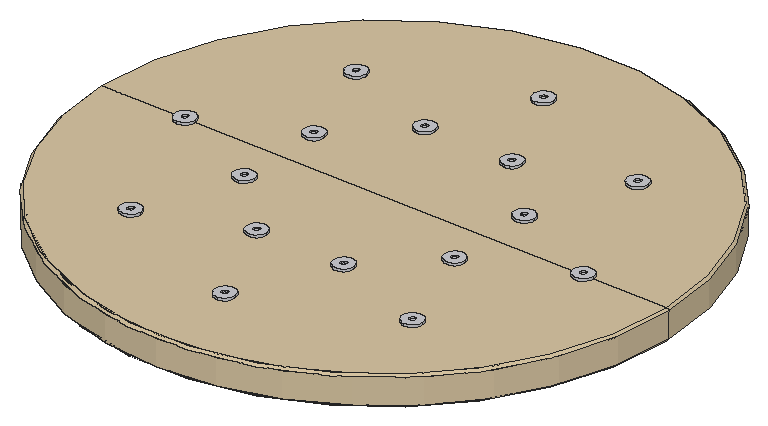
Revit family "Reece_Shower_Milli_Marq Edit_Shower Head", category Plumbing Fixtures, host Face, Revit 2018
Family settings
  Host = Face
  Round Connector Dimension = Use Diameter
  Part Type = Normal
  Cut with Voids When Loaded = No
  Shared = Yes
  Room Calculation Point = Yes
Parameters (values of type "250 mm_Brushed Gold_3 Star")
  WFU = 0  # constant formula
  URL = "https://www.reece.com.au/product/-21951"
  Type Comments = "Shower"
  Reece_Tap_Inlet = 12 mm  # constant formula
  Reece_Product_Web Page = "https://www.reece.com.au/product/-21951"
  Reece_Product_Type = "Shower"  # constant formula
  Reece_Product_Sub Brand = "Marq Edit"  # constant formula
  Reece_Product_Number = "21951"
  Reece_Product_Mount = ""
  Reece_Product_Description = "Milli Marq Edit Overhead Shower 250mm Brushed Gold (3 Star)"
  Reece_Product_Brand = "Milli"  # constant formula
  Reece_Overall_Radius = 0 mm
  Reece_Overall_Height = 52 mm  # constant formula
  Reece_Overall_Diameter = 250 mm  # constant formula
  Reece_Material_Secondary = Reece_Plastic_White
  Reece_Material_Main = Reece_Brass_Brushed Gold
  Reece_Detail_Shape = "Round"  # constant formula
  Reece_Detail_Disclaimer = "THIS FILE IS THE PROPERTY OF THE REECE GROUP. IT MAY NOT BE REPRODUCED, REVERSE-ENGINEERED, OR MODIFIED. ANY REPUBLICATION, TRANSMISSION, OR DISTRIBUTION FOR THE PURPOSE OF COMMERCIALLY EXPLOITING THE FILES IS PROHIBITED."  # constant formula
  Reece_Detail_Additional = "Shower Head"  # constant formula
  Model = "Marq Edit"
  Manufacturer = "Milli"
  Keynote = "Product #21951, Reece_Shower_Milli_Marq Edit_Shower Head - 250 mm_Brushed Gold_3 Star"
  HWFU = 0  # constant formula
  Disclaimer = "THIS FILE IS THE PROPERTY OF THE REECE GROUP. IT MAY NOT BE REPRODUCED, REVERSE-ENGINEERED, OR MODIFIED. ANY REPUBLICATION, TRANSMISSION, OR DISTRIBUTION FOR THE PURPOSE OF COMMERCIALLY EXPLOITING THE FILES IS PROHIBITED."  # constant formula
  Description = "Milli Marq Edit Overhead Shower 250mm Brushed Gold (3 Star)"
  Default Elevation = 0 mm
  CWFU = 0  # constant formula
Types (6, lengths in mm): name | URL | Reece_Product_Web Page | Reece_Product_Number | Reece_Product_Description | Reece_Material_Secondary | Reece_Material_Main | Keynote | Description
  250 mm_Brushed Gold_3 Star | "https://www.reece.com.au/product/-21951" | "https://www.reece.com.au/product/-21951" | "21951" | "Milli Marq Edit Overhead Shower 250mm Brushed Gold (3 Star)" | Reece_Plastic_White | Reece_Brass_Brushed Gold | "Product #21951, Reece_Shower_Milli_Marq Edit_Shower Head - 250 mm_Brushed Gold_3 Star" | "Milli Marq Edit Overhead Shower 250mm Brushed Gold (3 Star)"
  250 mm_Polished Chrome_3 Star | "https://www.reece.com.au/product/-21948" | "https://www.reece.com.au/product/-21948" | "21948" | "Milli Marq Edit Overhead Shower 250mm Chrome (3 Star)" | Reece_Plastic_White | Reece_Brass_Chrome | "Product #21948, Reece_Shower_Milli_Marq Edit_Shower Head - 250 mm_Polished Chrome_3 Star" | "Milli Marq Edit Overhead Shower 250mm Chrome (3 Star)"
  250 mm_Brushed Nickel_3 Star | "https://www.reece.com.au/product/-21950" | "https://www.reece.com.au/product/-21950" | "21950" | "Milli Marq Edit Overhead Shower 250mm Brushed Nickel (3 Star)" | Reece_Plastic_White | Reece_Brass_Brushed Nickel | "Product #21950, Reece_Shower_Milli_Marq Edit_Shower Head - 250 mm_Brushed Nickel_3 Star" | "Milli Marq Edit Overhead Shower 250mm Brushed Nickel (3 Star)"
  250 mm_Matte Black_3 Star | "https://www.reece.com.au/product/-21949" | "https://www.reece.com.au/product/-21949" | "21949" | "Milli Marq Edit Overhead Shower 250mm Matte Black (3 Star)" | Reece_Plastic_ABS_Matte Black | Reece_Brass_Matte Black | "Product #21949, Reece_Shower_Milli_Marq Edit_Shower Head - 250 mm_Matte Black_3 Star" | "Milli Marq Edit Overhead Shower 250mm Matte Black (3 Star)"
  250 mm_Brushed Gunmetal_3 Star | "https://www.reece.com.au/product/-21952" | "https://www.reece.com.au/product/-21952" | "21952" | "Milli Marq Edit Overhead Shower 250mm Brushed Gunmetal (3 Star)" | Reece_Plastic_ABS_Matte Black | Reece_Brass_Brushed Gunmetal | "Product #21952, Reece_Shower_Milli_Marq Edit_Shower Head - 250 mm_Brushed Gunmetal_3 Star" | "Milli Marq Edit Overhead Shower 250mm Brushed Gunmetal (3 Star)"
  250 mm_Brushed Bronze_3 Star | "https://www.reece.com.au/product/-21953" | "https://www.reece.com.au/product/-21953" | "21953" | "Milli Marq Edit Overhead Shower 250mm Brushed Bronze (3 Star)" | Reece_Plastic_White | Reece_PVD_Brushed Bronze | "Product #21953, Reece_Shower_Milli_Marq Edit_Shower Head - 250 mm_Brushed Bronze_3 Star" | "Milli Marq Edit Overhead Shower 250mm Brushed Bronze (3 Star)"
Reference planes
  plane 1 "Center (Front/Back)": y = 0
  plane 2: z = 0
  plane 3 "Center (Left/Right)": x = 0
  plane 4: z = 52
  plane 5: x = -125
  plane 6: x = 125
  plane 7: y = 125
  plane 8: y = -125
Forms (mm)
  Revolve 1, solid, material "Reece_Brass_Brushed Gold" <- "Reece_Material_Main"
    sketch origin (0, 0, 0) x (1, 0, 0) y (0, 0, 1)
      loop
        line (-124.005, 51.5) -> (-125, 50.505) -> (-125, 39.483) -> (-124.005, 38.488) -> (-22, 37.13)
        arc (-22, 37.13) -> (-21.102, 36.852) -> (-20.5, 36.13) r 1.658
        line (-20.5, 36.13) -> (-19.7, 36.13) -> (-19.7, 35.33) -> (-20.5, 35.33) -> (-20.5, 15.914)
        arc (-20.5, 15.914) -> (-20.424, 15.532) -> (-20.207, 15.207) r 1
        line (-20.207, 15.207) -> (-19, 14) -> (-13.305, 14) -> (-13.305, 14.81) -> (-11.943, 15.175) -> (-11.943, 15.981)
        arc (-11.943, 15.981) -> (-11.016, 14.947) -> (-10, 14) r 15.429
        line (-10, 14) -> (-10, 12.91)
        arc (-10, 12.91) -> (-10.146, 12.389) -> (-10.543, 12.021) r 1
        line (-10.543, 12.021) -> (-12.53, 11) -> (-12.53, 0.71) -> (-11.82, 0) -> (-6, 0) -> (-6, 5) -> (0, 5) -> (0, 51.5) -> (-124.005, 51.5)
      axis (0, 51.5) -> (0, 0)
    angle from 0 to 360
  Extrusion 2, void
    sketch origin (0, 0, 0) x (0, 1, 0) y (0, 0, 1)
      loop
        line (-11.5, 11.848) -> (-21.709, 11.848) -> (-21.709, -3.152) -> (-11.5, -3.152) -> (-11.5, 11.848)
      loop
        line (11.5, 11.848) -> (11.5, -3.152) -> (21.709, -3.152) -> (21.709, 11.848) -> (11.5, 11.848)
    from -20 to 20
  Extrusion 3, solid, material "Reece_Plastic_White" <- "Reece_Material_Secondary", detail levels fine
    sketch origin (-100, -4572, 52) x (-1, 0, 0) y (0, -1, 0)
      loop
        circle (-100, -4659.5) r 4.3
      loop
        circle (-38.128, -4633.872) r 4.3
      loop
        circle (-12.5, -4572) r 4.3
      loop
        circle (-80.866, -4618.194) r 4.3
      loop
        circle (-53.806, -4591.134) r 4.3
      loop
        circle (-161.872, -4633.872) r 4.3
      loop
        circle (-187.5, -4572) r 4.3
      loop
        circle (-119.134, -4618.194) r 4.3
      loop
        circle (-146.194, -4591.134) r 4.3
      loop
        circle (-100, -4484.5) r 4.3
      loop
        circle (-38.128, -4510.128) r 4.3
      loop
        circle (-80.866, -4525.806) r 4.3
      loop
        circle (-53.806, -4552.866) r 4.3
      loop
        circle (-161.872, -4510.128) r 4.3
      loop
        circle (-119.134, -4525.806) r 4.3
      loop
        circle (-146.194, -4552.866) r 4.3
    from 0.302 to -0.5
  Extrusion 4, void
    sketch origin (-100, -4572, 52.302) x (-1, 0, 0) y (0, -1, 0)
      loop
        circle (-38.128, -4633.872) r 1.3
      loop
        circle (-100, -4659.5) r 1.3
      loop
        circle (-12.5, -4572) r 1.3
      loop
        circle (-80.866, -4618.194) r 1.3
      loop
        circle (-53.806, -4591.134) r 1.3
      loop
        circle (-161.872, -4633.872) r 1.3
      loop
        circle (-187.5, -4572) r 1.3
      loop
        circle (-119.134, -4618.194) r 1.3
      loop
        circle (-146.194, -4591.134) r 1.3
      loop
        circle (-38.128, -4510.128) r 1.3
      loop
        circle (-100, -4484.5) r 1.3
      loop
        circle (-80.866, -4525.806) r 1.3
      loop
        circle (-53.806, -4552.866) r 1.3
      loop
        circle (-161.872, -4510.128) r 1.3
      loop
        circle (-119.134, -4525.806) r 1.3
      loop
        circle (-146.194, -4552.866) r 1.3
    from -0.302 to 2.656
Cuts and joins
  Extrusion 2 cuts Revolve 1
  Extrusion 4 cuts Extrusion 3
Text (mm)
  text "Reece Copyright © 2018, Reece Ltd." at (-684.407, -223.434, 0), in view "Ref. Level"
  text "Reece ©" at (290.323, 26.521, 334.836), in view "Reece_Preview"
Dimensions and locks
  "Reece_Overall_Height": plane 4 to plane 2
  equal spacing: plane 8, plane 1 "Center (Front/Back)", plane 7
  "Reece_Overall_Diameter": plane 8 to plane 7
  equal spacing: plane 5, plane 3 "Center (Left/Right)", plane 6
  "Reece_Overall_Diameter": plane 5 to plane 6
  aligned and locked: plane 2 to host face
  aligned and locked: level to host face
  aligned and locked: Revolve 1 sketch curve to plane 5
  aligned and locked: Revolve 1 sketch curve to plane 3 "Center (Left/Right)"
  aligned and locked: cut or joined group of Revolve 1, Extrusion 2 to Extrusion 3
  aligned and locked: Extrusion 4 to plane 4
Automatic sketch dimensions
  host sketch curve to host sketch curve = 407.898 mm
  host sketch curve to host sketch curve = 410.737 mm
  Revolve 1 sketch curve to level = 0 mm
  Revolve 1 sketch curve to plane 3 "Center (Left/Right)" = 0 mm  (x2)
  plane 5 to Revolve 1 sketch curve = 0.995 mm  (x2)
  Revolve 1 sketch curve to plane 3 "Center (Left/Right)" = 22.022 mm
  Revolve 1 sketch curve to plane 4 = 14.87 mm
  Revolve 1 sketch curve to Revolve 1 sketch curve = 0.022 mm
  Revolve 1 sketch curve to Revolve 1 sketch curve = 1.522 mm
  Revolve 1 sketch curve to Revolve 1 sketch curve = 0 mm
  Revolve 1 sketch curve to Revolve 1 sketch curve = 0.293 mm
  Revolve 1 sketch curve to Revolve 1 sketch curve = 0.8 mm
  Revolve 1 sketch curve to Revolve 1 sketch curve = 0.707 mm
  Revolve 1 sketch curve to Revolve 1 sketch curve = 1.207 mm
  Revolve 1 sketch curve to Revolve 1 sketch curve = 5.695 mm
  level to Revolve 1 sketch curve = 0.71 mm
  Revolve 1 sketch curve to Revolve 1 sketch curve = 1.362 mm
  Revolve 1 sketch curve to Revolve 1 sketch curve = 0.71 mm
  Revolve 1 sketch curve to Revolve 1 sketch curve = 1.53 mm
  Revolve 1 sketch curve to Revolve 1 sketch curve = 0.457 mm
  Revolve 1 sketch curve to Revolve 1 sketch curve = 1 mm
  Revolve 1 sketch curve to Revolve 1 sketch curve = 4.914 mm
  Revolve 1 sketch curve to Revolve 1 sketch curve = 1.021 mm
  Revolve 1 sketch curve to Revolve 1 sketch curve = 1.09 mm  (x2)
  Revolve 1 sketch curve to Revolve 1 sketch curve = 0.81 mm
  Revolve 1 sketch curve to Revolve 1 sketch curve = 0.365 mm
  Revolve 1 sketch curve to Revolve 1 sketch curve = 0.806 mm
  Revolve 1 sketch curve to Revolve 1 sketch curve = 1.8 mm
  Revolve 1 sketch curve to Revolve 1 sketch curve = 0.142 mm
  Revolve 1 sketch curve to plane 4 = 13.512 mm
  Revolve 1 sketch curve to Revolve 1 sketch curve = 0.995 mm
  Revolve 1 sketch curve to plane 4 = 1.495 mm
  Revolve 1 sketch curve to plane 4 = 0.5 mm
  Revolve 1 sketch curve to Revolve 1 sketch curve = 6 mm
  Revolve 1 sketch curve to Revolve 1 sketch curve = 4 mm
  Revolve 1 sketch curve to level = 17.778 mm
  Revolve 1 sketch curve to Revolve 1 sketch curve = 15 mm
  Revolve 1 sketch curve to Revolve 1 sketch curve = 5 mm
  Revolve 1 sketch curve to Revolve 1 sketch curve = 7.91 mm
  plane 1 "Center (Front/Back)" to Extrusion 2 sketch curve = 21.709 mm
  Extrusion 2 sketch curve to level = 3.152 mm  (x2)
  Extrusion 2 sketch curve to Extrusion 2 sketch curve = 10.209 mm  (x2)
  Extrusion 2 sketch curve to plane 1 "Center (Front/Back)" = 11.5 mm
  level to Extrusion 2 sketch curve = 11.848 mm  (x2)
  plane 1 "Center (Front/Back)" to Extrusion 3 sketch curve = 0 mm  (x2)
  Extrusion 3 sketch curve to plane 3 "Center (Left/Right)" = 0 mm  (x2)
  plane 3 "Center (Left/Right)" to Extrusion 3 sketch curve = 19.134 mm  (x2)
  Extrusion 3 sketch curve to Extrusion 3 sketch curve = 15.678 mm  (x4)
  Extrusion 3 sketch curve to Extrusion 3 sketch curve = 27.06 mm  (x6)
  Extrusion 3 sketch curve to plane 7 = 37.5 mm
  plane 1 "Center (Front/Back)" to Extrusion 3 sketch curve = 19.134 mm  (x2)
  Extrusion 3 sketch curve to Extrusion 3 sketch curve = 42.738 mm  (x3)
  Extrusion 3 sketch curve to plane 8 = 37.5 mm
  Extrusion 3 sketch curve to plane 3 "Center (Left/Right)" = 19.134 mm  (x2)
  plane 5 to Extrusion 3 sketch curve = 37.5 mm
  Extrusion 3 sketch curve to plane 1 "Center (Front/Back)" = 61.872 mm  (x2)
  Extrusion 3 sketch curve to Extrusion 3 sketch curve = 0 mm  (x2)
  plane 3 "Center (Left/Right)" to Extrusion 3 sketch curve = 61.872 mm
  plane 6 to Extrusion 3 sketch curve = 37.5 mm
  radius of Extrusion 3 sketch curve = 4.3 mm  (x16)
  radius of Extrusion 4 sketch curve to Extrusion 3 = 3 mm  (x16)
Connectors
  piping at (0, 0, 5), diameter 12, driven by "Reece_Tap_Inlet"
    settings: on Revolve 1, index 1, connector inside diameter 609.6 mm, connector length 0 mm, flow factor 0, pipe flow 0.0 L/s, pressure drop 0.0 Pa, fitting loss kfactor 0, connector angle 0.00°, fixture units 0, engagement length 0 mm, angle of deflection 0.00°, flow configuration 0, flow direction 1, fitting loss method 0, system type 29, joint type 0, gender type 0, connector reference index -1, connector utility 0, adjustable connector no, is connector primary yes, connector description ""
